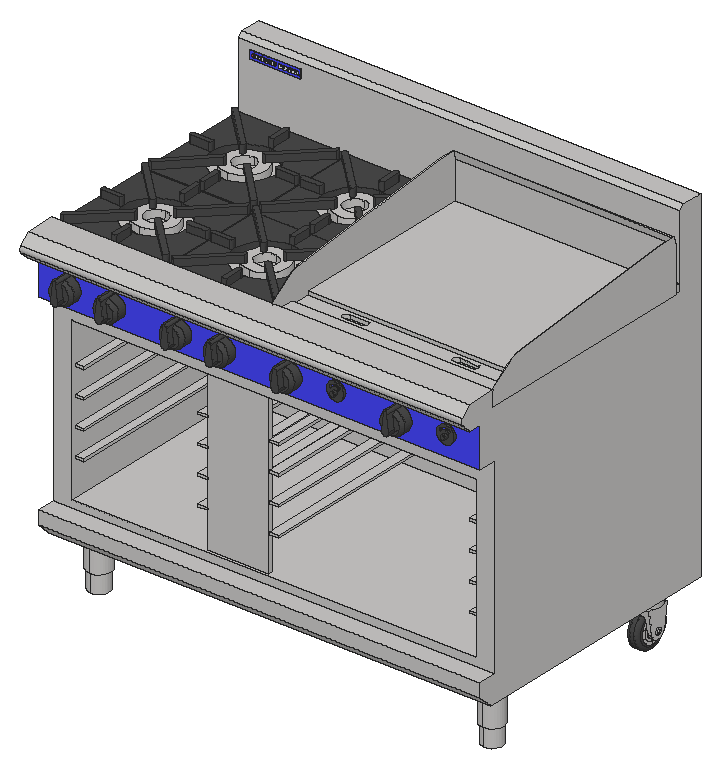
Revit family "QF_MOFFAT_BLUESEAL_CE_G518B-CB", category Specialty Equipment, Revit 2012 (continued)
Definition of nested family "GAS BURNER 600 & GRIDDLE 600"
  Definition of nested family "GAS BURNER 600"
    Lines and regions (mm)
      symbolic lines
        curve 166: spline (584.847, -612.398, 0) -> (585.916, -613.159, 0) -> (587.221, -613.559, 0) -> (588.672, -613.572, 0) -> (590.171, -613.197, 0) -> (591.616, -612.459, 0) -> (592.908, -611.408, 0) -> (593.959, -610.116, 0) -> (594.697, -608.671, 0) -> (595.072, -607.172, 0) -> (595.059, -605.721, 0) -> (594.659, -604.416, 0) -> (593.898, -603.347, 0)
        curve 167: line (315.153, -612.398, 0) -> (423.076, -505.975, 0)
        curve 168: spline (423.076, -505.975, 0) -> (423.837, -504.905, 0) -> (424.238, -503.601, 0) -> (424.251, -502.149, 0) -> (423.875, -500.65, 0) -> (423.137, -499.205, 0) -> (422.086, -497.914, 0) -> (420.795, -496.863, 0) -> (419.35, -496.125, 0) -> (417.851, -495.749, 0) -> (416.399, -495.762, 0) -> (415.095, -496.163, 0) -> (414.025, -496.924, 0)
        curve 169: line (414.025, -496.924, 0) -> (306.102, -603.347, 0)
        curve 170: spline (306.102, -603.347, 0) -> (305.341, -604.416, 0) -> (304.941, -605.721, 0) -> (304.928, -607.172, 0) -> (305.303, -608.671, 0) -> (306.041, -610.116, 0) -> (307.092, -611.408, 0) -> (308.384, -612.459, 0) -> (309.829, -613.197, 0) -> (311.328, -613.572, 0) -> (312.779, -613.559, 0) -> (314.084, -613.159, 0) -> (315.153, -612.398, 0)
        curve 171: line (308.898, -476.4, 0) -> (358.102, -476.4, 0)
        curve 172: spline (358.102, -476.4, 0) -> (359.396, -476.182, 0) -> (360.602, -475.543, 0) -> (361.638, -474.525, 0) -> (362.432, -473.2, 0) -> (362.932, -471.656, 0) -> (363.102, -470, 0) -> (362.932, -468.344, 0) -> (362.432, -466.8, 0) -> (361.638, -465.475, 0) -> (360.602, -464.457, 0) -> (359.396, -463.818, 0) -> (358.102, -463.6, 0)
        curve 173: line (358.102, -463.6, 0) -> (308.898, -463.6, 0)
        curve 174: spline (308.898, -463.6, 0) -> (307.604, -463.818, 0) -> (306.398, -464.457, 0) -> (305.362, -465.475, 0) -> (304.568, -466.8, 0) -> (304.068, -468.344, 0) -> (303.898, -470, 0) -> (304.068, -471.656, 0) -> (304.568, -473.2, 0) -> (305.362, -474.525, 0) -> (306.398, -475.543, 0) -> (307.604, -476.182, 0) -> (308.898, -476.4, 0)
        curve 175: line (456.4, -609.602, 0) -> (456.4, -561.898, 0)
        curve 176: spline (456.4, -561.898, 0) -> (456.182, -560.604, 0) -> (455.543, -559.398, 0) -> (454.525, -558.362, 0) -> (453.2, -557.568, 0) -> (451.656, -557.068, 0) -> (450, -556.898, 0) -> (448.344, -557.068, 0) -> (446.8, -557.568, 0) -> (445.475, -558.362, 0) -> (444.457, -559.398, 0) -> (443.818, -560.604, 0) -> (443.6, -561.898, 0)
        curve 177: line (443.6, -561.898, 0) -> (443.6, -609.602, 0)
        curve 178: spline (443.6, -609.602, 0) -> (443.818, -610.896, 0) -> (444.457, -612.102, 0) -> (445.475, -613.138, 0) -> (446.8, -613.932, 0) -> (448.344, -614.432, 0) -> (450, -614.602, 0) -> (451.656, -614.432, 0) -> (453.2, -613.932, 0) -> (454.525, -613.138, 0) -> (455.543, -612.102, 0) -> (456.182, -610.896, 0) -> (456.4, -609.602, 0)
        curve 179: arc (450.009, -384.418, 0) -> (479.699, -389.834, 0) -> (505.564, -405.385, 0) r 84.082
        curve 180: arc (450.009, -552.582, 0) -> (417.885, -546.204, 0) -> (390.635, -528.036, 0) r 84.082
        curve 181: arc (450, -523.5, 0) -> (467.666, -520.693, 0) -> (483.592, -512.55, 0) r 57
        curve 182: arc (450, -409.5, 0) -> (430.014, -413.119, 0) -> (412.566, -423.515, 0) r 57
        curve 183: arc (450, -436.5, 0) -> (480, -466.5, 0) -> (450, -496.5, 0) r 30
        curve 184: arc (450, -496.5, 0) -> (420, -466.5, 0) -> (450, -436.5, 0) r 30
        curve 185: arc (96.324, -103.773, 0) -> (121.466, -89.404, 0) -> (149.991, -84.418, 0) r 84.082
        curve 186: arc (212.871, -112.68, 0) -> (234.066, -167.408, 0) -> (214.3, -222.668, 0) r 84.082
        curve 187: arc (194.454, -202.178, 0) -> (207, -166.598, 0) -> (194.576, -130.975, 0) r 57
        curve 188: arc (114.628, -211.197, 0) -> (131.275, -220.336, 0) -> (150, -223.5, 0) r 57
        curve 189: arc (405.424, -130.975, 0) -> (393, -166.598, 0) -> (405.546, -202.178, 0) r 57
        curve 190: arc (485.525, -121.924, 0) -> (468.817, -112.696, 0) -> (450, -109.5, 0) r 57
        curve 191: arc (494.454, -202.178, 0) -> (507, -166.598, 0) -> (494.576, -130.975, 0) r 57
        curve 192: arc (414.628, -211.197, 0) -> (431.275, -220.336, 0) -> (450, -223.5, 0) r 57
        curve 193: arc (105.424, -130.975, 0) -> (93, -166.598, 0) -> (105.546, -202.178, 0) r 57
        curve 194: arc (514.501, -414.55, 0) -> (534.086, -469.429, 0) -> (513.293, -523.862, 0) r 84.082
        curve 195: arc (504.155, -532.827, 0) -> (478.827, -547.489, 0) -> (450.009, -552.582, 0) r 84.082
        curve 196: arc (493.031, -503.881, 0) -> (506.947, -468.956, 0) -> (496.089, -432.962, 0) r 57
        curve 197: arc (416.408, -512.55, 0) -> (432.334, -520.693, 0) -> (450, -523.5, 0) r 57
        curve 198: arc (403.911, -432.962, 0) -> (393.053, -468.956, 0) -> (406.969, -503.881, 0) r 57
        curve 199: arc (487.434, -423.515, 0) -> (469.986, -413.119, 0) -> (450, -409.5, 0) r 57
        curve 200: arc (187.434, -423.515, 0) -> (169.986, -413.119, 0) -> (150, -409.5, 0) r 57
        curve 201: arc (103.911, -432.962, 0) -> (93.053, -468.956, 0) -> (106.969, -503.881, 0) r 57
        curve 202: arc (109.732, -506.842, 0) -> (110.614, -507.704, 0) -> (111.516, -508.547, 0) r 57
        curve 203: arc (193.031, -503.881, 0) -> (206.947, -468.956, 0) -> (196.089, -432.962, 0) r 57
        curve 204: arc (214.491, -414.56, 0) -> (234.068, -469.429, 0) -> (213.283, -523.853, 0) r 84.082
        curve 205: arc (94.436, -405.385, 0) -> (120.301, -389.834, 0) -> (149.991, -384.418, 0) r 84.082
        curve 206: arc (86.707, -523.862, 0) -> (65.914, -469.429, 0) -> (85.499, -414.55, 0) r 84.082
        curve 207: arc (116.408, -512.55, 0) -> (132.334, -520.693, 0) -> (150, -523.5, 0) r 57
        curve 208: arc (204.147, -532.819, 0) -> (178.816, -547.487, 0) -> (149.991, -552.582, 0) r 84.082
        curve 209: arc (394.444, -405.393, 0) -> (420.313, -389.836, 0) -> (450.009, -384.418, 0) r 84.082
        curve 210: arc (390.635, -528.036, 0) -> (366.012, -472.294, 0) -> (385.509, -414.56, 0) r 84.082
        curve 211: arc (185.525, -121.924, 0) -> (168.817, -112.696, 0) -> (150, -109.5, 0) r 57
        curve 212: arc (396.332, -103.781, 0) -> (421.477, -89.406, 0) -> (450.009, -84.418, 0) r 84.082
        curve 213: arc (512.881, -112.67, 0) -> (534.084, -167.408, 0) -> (514.31, -222.678, 0) r 84.082
        curve 214: arc (505.339, -231.812, 0) -> (479.559, -247.219, 0) -> (450.009, -252.582, 0) r 84.082
        curve 215: arc (385.7, -222.668, 0) -> (365.934, -167.408, 0) -> (387.129, -112.68, 0) r 84.082
        curve 216: arc (205.331, -231.803, 0) -> (179.547, -247.216, 0) -> (149.991, -252.582, 0) r 84.082
        curve 217: arc (85.69, -222.678, 0) -> (65.916, -167.408, 0) -> (87.119, -112.67, 0) r 84.082
    Dimensions and locks
      equal spacing: plane 3 "LEFT", plane 7 "Center Y", plane 4 "RIGHT"
      "Width": plane 3 "LEFT" to plane 4 "RIGHT"
      equal spacing: plane 5 "FRONT", plane 8 "Center X", plane 1 "BACK"
      "Depth": plane 5 "FRONT" to plane 1 "BACK"
      aligned and locked: level to plane 2
    Automatic sketch dimensions
      plane 3 "LEFT" to Extrusion 1 sketch curve = 4.0 mm  (x2)
      plane 1 "BACK" to Extrusion 1 sketch curve = 0.0 mm
      plane 3 "LEFT" to Extrusion 1 sketch curve = 1.0 mm  (x2)
      Extrusion 1 sketch curve to Extrusion 1 sketch curve = 3.0 mm  (x5)
      plane 8 "Center X" to Extrusion 1 sketch curve = 149.0 mm
      Extrusion 1 sketch curve to plane 7 "Center Y" = 1.0 mm  (x2)
      plane 8 "Center X" to Extrusion 1 sketch curve = 2.0 mm  (x2)
      Extrusion 1 sketch curve to plane 5 "FRONT" = 166.5 mm
      Extrusion 1 sketch curve to plane 5 "FRONT" = 3.0 mm  (x2)
      plane 3 "LEFT" to Extrusion 1 sketch curve = 149.991 mm  (x2)
      Extrusion 2 sketch curve to Extrusion 1 = 22.602 mm  (x2)
      Extrusion 2 sketch curve to Extrusion 1 = 25.398 mm  (x2)
      Extrusion 2 sketch curve to Extrusion 2 sketch curve = 4.525 mm  (x16)
      Extrusion 2 sketch curve to Extrusion 2 sketch curve = 49.204 mm  (x5)
      Extrusion 2 sketch curve to Extrusion 2 sketch curve = 55.923 mm  (x5)
      Extrusion 2 sketch curve to Extrusion 2 sketch curve = 0.0 mm  (x5)
      Extrusion 2 sketch curve to Extrusion 2 sketch curve = 20.524 mm  (x8)
      Extrusion 2 sketch curve to Extrusion 2 sketch curve = 6.4 mm  (x8)
      Extrusion 2 sketch curve to Extrusion 2 sketch curve = 53.847 mm  (x8)
      Extrusion 2 sketch curve to Extrusion 1 = 56.602 mm
      Extrusion 2 sketch curve to Extrusion 1 = 5.102 mm  (x6)
      Extrusion 2 sketch curve to Extrusion 1 = 13.653 mm  (x2)
      Extrusion 2 sketch curve to Extrusion 1 = 7.398 mm  (x2)
      Extrusion 2 sketch curve to Extrusion 1 = 4.602 mm  (x2)
      Extrusion 2 sketch curve to Extrusion 1 = 7.898 mm  (x4)
      Extrusion 2 sketch curve to Extrusion 1 = 31.653 mm  (x2)
      Extrusion 2 sketch curve to Extrusion 1 = 57.102 mm
      Extrusion 2 sketch curve to Extrusion 1 = 14.153 mm
      Extrusion 3 sketch curve to Extrusion 3 sketch curve = 0.0 mm  (x24)
      plane 8 "Center X" to Extrusion 3 sketch curve = 208.0 mm
      Extrusion 3 sketch curve to Extrusion 3 sketch curve = 27.0 mm  (x2)
      Extrusion 3 sketch curve to Extrusion 3 sketch curve = 30.0 mm  (x2)
      Extrusion 3 sketch curve to plane 5 "FRONT" = 225.5 mm
      plane 3 "LEFT" to Extrusion 3 sketch curve = 150.0 mm  (x2)
      plane 4 "RIGHT" to Extrusion 4 sketch curve = 4.0 mm  (x2)
      plane 1 "BACK" to Extrusion 4 sketch curve = 0.0 mm
      plane 4 "RIGHT" to Extrusion 4 sketch curve = 1.0 mm  (x2)
      Extrusion 4 sketch curve to Extrusion 4 sketch curve = 3.0 mm  (x5)
      plane 8 "Center X" to Extrusion 4 sketch curve = 149.0 mm
      plane 7 "Center Y" to Extrusion 4 sketch curve = 1.0 mm  (x2)
      plane 8 "Center X" to Extrusion 4 sketch curve = 2.0 mm  (x2)
      Extrusion 4 sketch curve to plane 5 "FRONT" = 166.5 mm
      Extrusion 4 sketch curve to plane 5 "FRONT" = 3.0 mm  (x2)
      plane 4 "RIGHT" to Extrusion 4 sketch curve = 149.991 mm  (x2)
      Extrusion 5 sketch curve to Extrusion 4 = 22.602 mm  (x2)
      Extrusion 5 sketch curve to Extrusion 4 = 25.398 mm  (x2)
      Extrusion 5 sketch curve to Extrusion 5 sketch curve = 4.525 mm  (x16)
      Extrusion 5 sketch curve to Extrusion 5 sketch curve = 49.204 mm  (x4)
      Extrusion 5 sketch curve to Extrusion 5 sketch curve = 55.923 mm  (x5)
      Extrusion 5 sketch curve to Extrusion 5 sketch curve = 0.0 mm  (x6)
      Extrusion 5 sketch curve to Extrusion 5 sketch curve = 20.524 mm  (x7)
      Extrusion 5 sketch curve to Extrusion 5 sketch curve = 6.4 mm  (x8)
      Extrusion 5 sketch curve to Extrusion 5 sketch curve = 53.847 mm  (x8)
      Extrusion 5 sketch curve to Extrusion 4 = 56.602 mm
      Extrusion 5 sketch curve to Extrusion 4 = 5.102 mm  (x6)
      Extrusion 5 sketch curve to Extrusion 4 = 13.653 mm  (x2)
      Extrusion 5 sketch curve to Extrusion 4 = 7.398 mm  (x2)
      Extrusion 5 sketch curve to Extrusion 4 = 4.602 mm  (x2)
      Extrusion 5 sketch curve to Extrusion 4 = 7.898 mm  (x4)
      Extrusion 5 sketch curve to Extrusion 4 = 31.653 mm  (x2)
      Extrusion 5 sketch curve to Extrusion 4 = 57.102 mm  (x2)
      Extrusion 5 sketch curve to Extrusion 4 = 14.153 mm
      Extrusion 6 sketch curve to Extrusion 6 sketch curve = 0.0 mm  (x24)
      plane 8 "Center X" to Extrusion 6 sketch curve = 208.0 mm
      Extrusion 6 sketch curve to Extrusion 6 sketch curve = 27.0 mm  (x2)
      Extrusion 6 sketch curve to Extrusion 6 sketch curve = 30.0 mm  (x2)
      Extrusion 6 sketch curve to plane 5 "FRONT" = 225.5 mm
      plane 4 "RIGHT" to Extrusion 6 sketch curve = 150.0 mm  (x2)
      curve 1 to plane 7 "Center Y" = 123.076 mm
      curve 2 to curve 2 = 4.525 mm
      curve 1 to plane 7 "Center Y" = 15.153 mm
      curve 1 to curve 4 = 4.525 mm
      plane 1 "BACK" to curve 3 = 139.576 mm
      plane 1 "BACK" to curve 4 = 31.653 mm
      curve 7 to plane 7 "Center Y" = 58.102 mm
      curve 8 to plane 7 "Center Y" = 8.898 mm
      curve 8 to curve 2 = 20.524 mm
      curve 6 to curve 5 = 6.4 mm
      plane 7 "Center Y" to curve 9 = 6.102 mm
      curve 9 to curve 12 = 4.525 mm
      plane 7 "Center Y" to curve 10 = 114.025 mm
      curve 10 to curve 10 = 4.525 mm
      curve 5 to curve 10 = 20.524 mm
      curve 3 to curve 9 = 0.0 mm
      plane 1 "BACK" to curve 13 = 25.398 mm
      curve 10 to curve 13 = 20.524 mm
      curve 13 to curve 16 = 6.4 mm
      curve 14 to curve 15 = 49.204 mm
      curve 11 to curve 17 = 53.847 mm
      curve 18 to curve 18 = 4.525 mm
      plane 4 "RIGHT" to curve 17 = 15.153 mm
      curve 20 to curve 20 = 4.525 mm
      curve 18 to curve 11 = 9.051 mm
      plane 1 "BACK" to curve 20 = 31.653 mm
      plane 4 "RIGHT" to curve 22 = 58.102 mm
      plane 4 "RIGHT" to curve 21 = 8.898 mm
      curve 23 to curve 18 = 33.324 mm
      curve 22 to curve 22 = 6.4 mm
      curve 26 to curve 18 = 9.051 mm
      curve 27 to curve 26 = 4.525 mm
      plane 8 "Center X" to curve 27 = 3.602 mm
      plane 4 "RIGHT" to curve 27 = 15.153 mm
      curve 27 to curve 28 = 4.525 mm
      curve 27 to curve 18 = 62.898 mm
      curve 30 to curve 26 = 31.449 mm
      curve 192 to curve 27 = 21.025 mm
      curve 26 to curve 29 = 31.449 mm
      curve 14 to curve 31 = 0.009 mm
      curve 32 to curve 29 = 29.082 mm
      curve 31 to curve 29 = 2.0 mm
      curve 29 to curve 33 = 0.0 mm  (x2)
      curve 29 to curve 34 = 27.0 mm
      curve 211 to curve 2 = 31.449 mm
      curve 35 to curve 3 = 83.924 mm
      curve 35 to curve 2 = 31.449 mm
      curve 37 to curve 211 = 0.009 mm
      curve 216 to curve 35 = 29.082 mm
      curve 38 to curve 36 = 2.0 mm
      curve 42 to curve 185 = 6.391 mm
      curve 41 to curve 40 = 6.4 mm
      curve 185 to curve 41 = 9.816 mm
      plane 1 "BACK" to curve 41 = 25.398 mm
      plane 7 "Center Y" to curve 44 = 8.898 mm
      curve 44 to curve 45 = 49.204 mm
      curve 7 to curve 44 = 0.0 mm
      curve 45 to curve 44 = 6.4 mm
      plane 7 "Center Y" to curve 48 = 6.102 mm
      curve 48 to curve 48 = 4.525 mm
      curve 50 to curve 33 = 35.975 mm
      curve 47 to curve 50 = 4.525 mm
      plane 8 "Center X" to curve 48 = 3.602 mm
      curve 50 to curve 33 = 5.975 mm
      plane 8 "Center X" to curve 53 = 6.398 mm
      curve 53 to curve 32 = 6.409 mm
      curve 53 to curve 54 = 6.4 mm
      curve 52 to curve 32 = 9.316 mm
      plane 1 "BACK" to curve 56 = 0.0 mm
      plane 7 "Center Y" to curve 57 = 1.0 mm
      curve 57 to curve 56 = 3.0 mm
      curve 59 to plane 8 "Center X" = 1.0 mm
      plane 7 "Center Y" to curve 59 = 4.0 mm
      plane 4 "RIGHT" to curve 55 = 4.0 mm
      plane 4 "RIGHT" to curve 59 = 4.0 mm
      plane 4 "RIGHT" to curve 60 = 1.0 mm
      plane 1 "BACK" to curve 64 = 0.0 mm
      curve 66 to plane 8 "Center X" = 1.0 mm
      plane 3 "LEFT" to curve 66 = 4.0 mm
      plane 3 "LEFT" to curve 63 = 4.0 mm
      plane 3 "LEFT" to curve 64 = 1.0 mm
      curve 70 to plane 7 "Center Y" = 4.0 mm
      curve 68 to plane 7 "Center Y" = 4.0 mm
      curve 70 to plane 7 "Center Y" = 1.0 mm
      plane 5 "FRONT" to curve 74 = 0.0 mm
      plane 3 "LEFT" to curve 72 = 1.0 mm
      plane 3 "LEFT" to curve 74 = 4.0 mm
      curve 71 to curve 66 = 0.0 mm
      curve 75 to plane 7 "Center Y" = 4.0 mm
      curve 78 to plane 7 "Center Y" = 4.0 mm
      curve 77 to plane 7 "Center Y" = 1.0 mm
      curve 78 to curve 67 = 6.0 mm
      plane 5 "FRONT" to curve 82 = 0.0 mm
      plane 7 "Center Y" to curve 80 = 1.0 mm
      plane 7 "Center Y" to curve 82 = 4.0 mm
      curve 79 to curve 59 = 0.0 mm  (x2)
      plane 4 "RIGHT" to curve 83 = 4.0 mm
      plane 4 "RIGHT" to curve 84 = 1.0 mm
      curve 78 to curve 80 = 0.0 mm
      curve 35 to curve 88 = 26.924 mm
      curve 89 to curve 88 = 4.525 mm
      plane 8 "Center X" to curve 90 = 3.602 mm
      curve 90 to curve 68 = 11.153 mm
      curve 89 to curve 90 = 4.525 mm
      curve 35 to curve 89 = 21.025 mm
      plane 3 "LEFT" to curve 94 = 6.102 mm
      curve 94 to curve 94 = 4.525 mm
      curve 92 to curve 38 = 35.966 mm
      curve 92 to curve 92 = 4.525 mm
      plane 8 "Center X" to curve 91 = 3.602 mm
      curve 188 to curve 92 = 21.025 mm
      plane 3 "LEFT" to curve 98 = 8.898 mm
      curve 97 to curve 97 = 49.204 mm
      curve 93 to curve 98 = 20.524 mm
      curve 95 to curve 98 = 6.4 mm
      plane 3 "LEFT" to curve 102 = 6.102 mm
      curve 99 to curve 102 = 4.525 mm
      curve 100 to curve 36 = 35.975 mm
      curve 99 to curve 100 = 4.525 mm
      curve 36 to curve 100 = 26.924 mm
      curve 102 to curve 64 = 28.653 mm
      curve 35 to curve 103 = 0.0 mm  (x2)
      curve 35 to curve 104 = 27.0 mm
      curve 107 to curve 38 = 6.391 mm
      curve 107 to curve 108 = 6.4 mm
      plane 8 "Center X" to curve 108 = 6.398 mm
      curve 106 to curve 216 = 9.316 mm
      curve 112 to curve 107 = 0.0 mm
      curve 111 to curve 110 = 6.4 mm
      curve 111 to plane 8 "Center X" = 60.602 mm
      curve 110 to plane 8 "Center X" = 11.398 mm
      curve 109 to curve 114 = 20.524 mm
      curve 114 to curve 114 = 4.525 mm
      curve 116 to curve 78 = 11.153 mm
      curve 116 to curve 116 = 4.525 mm
      curve 115 to curve 109 = 64.974 mm
      curve 116 to curve 78 = 10.653 mm
      plane 3 "LEFT" to curve 118 = 6.102 mm
      curve 118 to curve 118 = 4.525 mm
      curve 120 to curve 113 = 62.898 mm
      curve 119 to curve 120 = 4.525 mm
      curve 120 to curve 113 = 9.051 mm
      curve 119 to curve 72 = 10.653 mm
      plane 3 "LEFT" to curve 121 = 8.898 mm
      curve 121 to curve 124 = 49.204 mm
      curve 123 to curve 120 = 33.324 mm
      curve 123 to curve 124 = 6.4 mm
      plane 3 "LEFT" to curve 126 = 6.102 mm
      curve 125 to curve 126 = 4.525 mm
      curve 125 to curve 119 = 0.0 mm
      curve 125 to curve 128 = 4.525 mm
      curve 74 to curve 127 = 19.602 mm
      curve 127 to curve 119 = 62.898 mm
      curve 127 to curve 130 = 20.524 mm
      curve 131 to curve 132 = 6.4 mm
      curve 132 to plane 5 "FRONT" = 25.398 mm
      curve 132 to curve 131 = 47.704 mm
      curve 127 to curve 136 = 53.847 mm
      curve 133 to curve 136 = 4.525 mm
      curve 134 to plane 7 "Center Y" = 15.153 mm
      curve 133 to curve 134 = 4.525 mm
      curve 76 to curve 134 = 19.602 mm
      curve 127 to curve 136 = 0.0 mm
      curve 208 to curve 130 = 0.009 mm
      curve 130 to curve 208 = 9.316 mm
      curve 137 to curve 120 = 29.949 mm
      curve 137 to curve 200 = 0.009 mm
      curve 208 to curve 139 = 29.082 mm
      curve 137 to curve 203 = 2.0 mm
      curve 203 to curve 141 = 0.0 mm  (x2)
      curve 139 to curve 142 = 27.0 mm
      curve 144 to plane 7 "Center Y" = 58.102 mm
      curve 143 to plane 7 "Center Y" = 8.898 mm
      curve 135 to curve 144 = 20.524 mm
      curve 144 to curve 144 = 6.4 mm
      plane 7 "Center Y" to curve 149 = 6.102 mm
      curve 148 to curve 148 = 4.525 mm
      plane 7 "Center Y" to curve 150 = 114.025 mm
      curve 149 to curve 150 = 4.525 mm
      curve 143 to curve 150 = 20.524 mm
      curve 149 to curve 80 = 10.653 mm
      curve 151 to curve 53 = 0.0 mm
      curve 151 to curve 154 = 6.4 mm
      curve 152 to plane 8 "Center X" = 60.602 mm
      curve 151 to plane 8 "Center X" = 11.398 mm
      curve 150 to curve 156 = 53.847 mm
      curve 156 to curve 156 = 4.525 mm
      curve 155 to curve 86 = 11.153 mm
      curve 155 to curve 158 = 4.525 mm
      curve 157 to curve 150 = 9.051 mm
      curve 158 to curve 86 = 10.653 mm
      plane 4 "RIGHT" to curve 160 = 58.102 mm
      plane 4 "RIGHT" to curve 159 = 8.898 mm
      curve 161 to curve 156 = 33.324 mm
      curve 160 to curve 160 = 6.4 mm
      curve 164 to curve 156 = 9.051 mm
      curve 164 to curve 164 = 4.525 mm
      plane 4 "RIGHT" to curve 165 = 15.153 mm
      curve 165 to curve 166 = 4.525 mm
      curve 84 to curve 165 = 19.602 mm
      curve 164 to curve 156 = 62.898 mm
      plane 7 "Center Y" to curve 170 = 6.102 mm
      curve 170 to curve 170 = 4.525 mm
      curve 168 to curve 150 = 0.0 mm
      curve 168 to curve 168 = 4.525 mm  (x2)
      curve 82 to curve 170 = 19.602 mm
      curve 167 to curve 164 = 0.0 mm
      plane 7 "Center Y" to curve 171 = 8.898 mm
      curve 174 to curve 172 = 49.204 mm
      curve 169 to curve 172 = 20.524 mm
      curve 171 to curve 172 = 6.4 mm
      curve 167 to curve 176 = 20.524 mm
      curve 178 to curve 178 = 6.4 mm
      curve 177 to plane 5 "FRONT" = 25.398 mm
      curve 175 to curve 175 = 47.704 mm
      curve 180 to curve 156 = 31.44 mm
      curve 176 to curve 180 = 9.316 mm
      curve 180 to curve 156 = 29.949 mm
      curve 182 to curve 179 = 0.009 mm
      curve 195 to curve 181 = 29.082 mm
      curve 179 to curve 181 = 2.0 mm
      curve 181 to curve 183 = 0.0 mm  (x2)
      curve 181 to curve 184 = 27.0 mm
      curve 37 to curve 38 = 0.0 mm  (x2)
      curve 185 to curve 100 = 22.227 mm
      curve 37 to curve 185 = 0.0 mm
      curve 2 to curve 37 = 22.219 mm
      curve 35 to curve 36 = 0.0 mm  (x2)
      curve 88 to curve 35 = 3.923 mm
      curve 35 to curve 211 = 0.0 mm
      curve 193 to curve 92 = 13.004 mm
      curve 29 to curve 30 = 0.0 mm  (x2)
      curve 189 to curve 10 = 13.126 mm
      curve 29 to curve 189 = 0.0 mm  (x2)
      curve 18 to curve 190 = 4.076 mm
      curve 29 to curve 190 = 0.0 mm
      curve 29 to curve 191 = 0.0 mm  (x2)
      curve 26 to curve 29 = 3.923 mm
      curve 189 to curve 50 = 13.004 mm
      curve 35 to curve 188 = 0.0 mm
      curve 35 to curve 193 = 0.0 mm  (x2)
      curve 193 to curve 100 = 13.126 mm
      curve 179 to curve 180 = 0.0 mm  (x2)
      curve 156 to curve 194 = 33.052 mm
      curve 179 to curve 194 = 0.0 mm  (x2)
      curve 179 to curve 195 = 0.0 mm
      curve 181 to curve 198 = 0.0 mm  (x2)
      curve 164 to curve 181 = 2.142 mm
      curve 181 to curve 196 = 0.0 mm  (x2)
      curve 198 to curve 168 = 11.581 mm
      curve 181 to curve 182 = 0.0 mm  (x2)
      curve 182 to curve 150 = 5.985 mm
      curve 181 to curve 197 = 0.0 mm
      curve 156 to curve 196 = 14.64 mm
      curve 203 to curve 140 = 0.0 mm  (x2)
      curve 114 to curve 200 = 5.985 mm
      curve 203 to curve 200 = 0.0 mm
      curve 201 to curve 120 = 14.64 mm
      curve 203 to curve 201 = 0.0 mm  (x2)
      curve 201 to curve 128 = 11.581 mm
      curve 139 to curve 140 = 0.0 mm  (x2)
      curve 136 to curve 139 = 2.142 mm
      curve 137 to curve 138 = 0.0 mm  (x2)
      curve 203 to curve 137 = 9.467 mm
      curve 137 to curve 204 = 0.0 mm  (x2)
      curve 137 to curve 204 = 8.936 mm
      curve 137 to curve 205 = 0.0 mm
      curve 205 to curve 140 = 18.13 mm
      curve 206 to curve 205 = 8.937 mm
      curve 206 to curve 205 = 9.165 mm
      curve 137 to curve 206 = 0.0 mm  (x2)
      curve 138 to curve 201 = 11.124 mm
      curve 139 to curve 202 = 0.0 mm  (x2)
      curve 202 to curve 202 = 1.784 mm
      curve 137 to curve 208 = 0.0 mm
      curve 203 to curve 204 = 20.253 mm
      curve 208 to curve 204 = 9.136 mm
      curve 208 to curve 204 = 8.967 mm
      curve 139 to curve 207 = 0.0 mm
      curve 139 to curve 203 = 9.439 mm
      curve 202 to curve 207 = 4.893 mm
      curve 207 to curve 202 = 4.003 mm
      curve 206 to curve 138 = 9.138 mm
      curve 138 to curve 206 = 8.965 mm
      curve 201 to curve 202 = 2.762 mm
      curve 202 to curve 201 = 2.96 mm
      curve 206 to curve 201 = 18.412 mm
      curve 203 to curve 136 = 6.958 mm
      curve 200 to curve 203 = 8.655 mm
      curve 201 to curve 140 = 9.447 mm
      curve 179 to curve 209 = 0.0 mm
      curve 210 to curve 182 = 27.057 mm
      curve 179 to curve 210 = 0.0 mm  (x2)
      curve 180 to curve 197 = 25.774 mm
      curve 181 to curve 199 = 0.0 mm
      curve 180 to curve 198 = 16.335 mm
      curve 198 to curve 182 = 8.655 mm
      curve 198 to curve 169 = 6.958 mm
      curve 199 to curve 196 = 8.655 mm
      curve 196 to curve 199 = 9.447 mm
      curve 181 to curve 196 = 9.439 mm
      curve 181 to curve 196 = 8.668 mm
      curve 210 to curve 209 = 8.936 mm
      curve 195 to curve 194 = 9.138 mm
      curve 179 to curve 194 = 8.937 mm
      curve 194 to curve 179 = 9.165 mm
      curve 195 to curve 194 = 8.965 mm
      curve 35 to curve 187 = 0.0 mm  (x2)
      curve 2 to curve 187 = 13.126 mm
      curve 31 to curve 32 = 0.0 mm  (x2)
      curve 212 to curve 189 = 9.093 mm
      curve 31 to curve 212 = 0.0 mm
      curve 190 to curve 31 = 18.152 mm
      curve 31 to curve 213 = 0.0 mm  (x2)
      curve 29 to curve 214 = 19.967 mm
      curve 31 to curve 214 = 0.0 mm
      curve 31 to curve 215 = 0.0 mm  (x2)
      curve 32 to curve 192 = 19.959 mm
      curve 31 to curve 213 = 9.204 mm
      curve 29 to curve 192 = 0.0 mm
      curve 190 to curve 191 = 9.051 mm
      curve 214 to curve 213 = 8.97 mm
      curve 214 to curve 213 = 9.134 mm
      curve 29 to curve 191 = 9.081 mm
      curve 29 to curve 191 = 9.019 mm
      curve 32 to curve 189 = 10.878 mm
      curve 192 to curve 189 = 9.019 mm
      curve 215 to curve 32 = 8.969 mm
      curve 32 to curve 215 = 9.135 mm
      curve 215 to curve 212 = 9.203 mm
      curve 215 to curve 212 = 8.899 mm
      curve 189 to curve 30 = 9.051 mm  (x2)
      curve 37 to curve 186 = 0.0 mm  (x2)
      curve 187 to curve 186 = 19.847 mm
      curve 37 to curve 216 = 0.0 mm
      curve 216 to curve 186 = 8.969 mm
      curve 35 to curve 187 = 9.081 mm
      curve 193 to curve 188 = 9.081 mm
      curve 188 to curve 193 = 9.019 mm
      curve 37 to curve 217 = 0.0 mm  (x2)
      curve 38 to curve 193 = 10.886 mm
      curve 217 to curve 38 = 8.97 mm
      curve 38 to curve 217 = 9.134 mm
      curve 217 to curve 185 = 9.204 mm
      curve 216 to curve 186 = 9.135 mm
      curve 37 to curve 186 = 9.203 mm
      curve 186 to curve 37 = 8.899 mm
      curve 211 to curve 187 = 9.051 mm
      curve 187 to curve 87 = 8.754 mm
      curve 193 to curve 36 = 9.051 mm
      curve 2 to curve 211 = 8.601 mm
      radius of Extrusion 1 sketch curve = 84.082 mm  (x2)
      radius of Extrusion 4 sketch curve = 84.082 mm  (x2)
  Definition of nested family "GAS GRIDDLE PLATE 600"
    Parameters (values of type "GAS GRIDDLE PLATE 600")
      Width [instance] = 600.0 mm
      Weight in Pounds = 0
      URL Cutsheet = ""
      Type Mark [instance] = ""
      Status [instance] = ""
      Specification by User [instance] = ""
      Specification by Manufacturer = ""
      Serial Number = ""
      Seismic Rating = ""
      SMACNA No = ""
      Revision Code [instance] = ""
      Omniclass Number and Title = ""
      NAFEM Spec ID Number = ""
      Masterspec = ""
      Item Number [instance] = ""
      Installed By [instance] = ""
      Identify Quantity as Lot [instance] = yes
      Furnished By [instance] = ""
      Foodservice Equipment Identifier [instance] = yes
      Depth [instance] = 620.0 mm
      CSI MasterFormat = ""
      CSI Master Format = ""
    Reference planes
      plane 1 "BACK": y = 0
      plane 2: z = 0
      plane 3 "LEFT": x = 0
      plane 4 "RIGHT": x = 600
      plane 5 "FRONT": y = -620
      plane 6 "TOP": z = 142.5
      plane 7 "Center Y": x = 300
      plane 8 "Center X": y = -310
      plane 9: y = -530.997
      plane 10: y = -541.497
      plane 11: y = -503.25
      plane 12: y = -557.737
    Forms (mm)
      Extrusion 1, solid, material "QF_Finishes_Stainless Steel"
        sketch origin (0, 70.003, -874.5) x (0, 1, 0) y (0, 0, 1)
          loop
            line (-70, 875) -> (-70, 997.489) -> (-75.228, 1017) -> (-117.24, 1017) -> (-589.533, 971.523)
            arc (-589.533, 971.523) -> (-614.56, 965.803) -> (-637.306, 953.899) r 100
            line (-637.306, 953.899) -> (-690.003, 917) -> (-690.003, 875) -> (-70, 875)
        from 0 to 1.8
      Extrusion 2, solid, material "QF_Finishes_Stainless Steel"
        sketch origin (600, 70.003, -874.5) x (0, -1, 0) y (0, 0, 1)
          loop
            line (70, 875) -> (690.003, 875) -> (690.003, 917) -> (637.306, 953.899)
            arc (637.306, 953.899) -> (614.56, 965.803) -> (589.533, 971.523) r 100
            line (589.533, 971.523) -> (117.24, 1017) -> (75.228, 1017) -> (70, 997.489) -> (70, 875)
        from 0 to 1.2
      Extrusion 3, solid, material "QF_Finishes_Stainless Steel"
        sketch origin (150, 70.003, -874.5) x (0, 1, 0) y (0, 0, 1)
          loop
            line (-55, 895) -> (-573.253, 895) -> (-573.253, 884.5) -> (-627.74, 884.5) -> (-627.74, 895) -> (-690.003, 895) -> (-690.003, 875) -> (-55, 875) -> (-55, 895)
        from -148.2 to 448.8
      Extrusion 4, void
        sketch origin (150, -541.497, 10) x (0, -1, 0) y (1, 0, 0)
          loop
            arc (-7.497, 25.113) -> (-17.497, 35.113) -> (-27.497, 25.113) r 10
            line (-27.497, 25.113) -> (-27.497, -24.887)
            arc (-27.497, -24.887) -> (-17.497, -34.887) -> (-7.497, -24.887) r 10
            line (-7.497, -24.887) -> (-7.497, 25.113)
          loop
            line (-7.497, 274.887) -> (-7.497, 324.887)
            arc (-7.497, 324.887) -> (-17.497, 334.887) -> (-27.497, 324.887) r 10
            line (-27.497, 324.887) -> (-27.497, 274.887)
            arc (-27.497, 274.887) -> (-17.497, 264.887) -> (-7.497, 274.887) r 10
        from -41.4 to 40.142
      Extrusion 5, solid, material "QF_Finishes_Stainless Steel"
        sketch origin (0, 70.003, -874.5) x (0, 1, 0) y (0, 0, 1)
          loop
            line (-70, 875) -> (-70, 997.489) -> (-75.228, 1017) -> (-76.884, 1017) -> (-71.6, 997.278) -> (-71.6, 875) -> (-70, 875)
        from 0 to 598.8
    Cuts and joins
      Extrusion 4 cuts Extrusion 3
      joined: Extrusion 1, Extrusion 2, Extrusion 3, Extrusion 5
    Lines and regions (mm)
      symbolic lines
        curve 1: line (600, -503.25, 0) -> (0, -503.25, 0)
        curve 2: line (0, -557.737, 0) -> (600, -557.737, 0)
        curve 3: line (0, -1.68, 0) -> (600, -1.68, 0)
        curve 4: line (600, -1.68, 0) -> (600, -620, 0)
        curve 5: line (0, -620, 0) -> (0, -1.68, 0)
        curve 6: line (0, -620, 0) -> (600, -620, 0)
        curve 7: arc (175.113, -534, 0) -> (185.113, -524, 0) -> (175.113, -514, 0) r 10
        curve 8: line (175.113, -514, 0) -> (125.113, -514, 0)
        curve 9: arc (125.113, -514, 0) -> (115.113, -524, 0) -> (125.113, -534, 0) r 10
        curve 10: line (125.113, -534, 0) -> (175.113, -534, 0)
        curve 11: arc (424.887, -534, 0) -> (414.887, -524, 0) -> (424.887, -514, 0) r 10
        curve 12: line (424.887, -514, 0) -> (474.887, -514, 0)
        curve 13: arc (474.887, -514, 0) -> (484.887, -524, 0) -> (474.887, -534, 0) r 10
        curve 14: line (474.887, -534, 0) -> (424.887, -534, 0)
    Dimensions and locks
      equal spacing: plane 3 "LEFT", plane 7 "Center Y", plane 4 "RIGHT"
      "Width": plane 3 "LEFT" to plane 4 "RIGHT"
      equal spacing: plane 5 "FRONT", plane 8 "Center X", plane 1 "BACK"
      "Depth": plane 5 "FRONT" to plane 1 "BACK"
      locked: Extrusion 2 to Extrusion 2 at 1.2
      aligned and locked: level to plane 2
      aligned and locked: Extrusion 2 to plane 4 "RIGHT"
      aligned and locked: curve 1 to plane 11
      aligned and locked: plane 12 to curve 2
      aligned and locked: Extrusion 5 to cut or joined group of Extrusion 1, Extrusion 2, Extrusion 3, Extrusion 4, Extrusion 5
    Automatic sketch dimensions
      Extrusion 1 sketch curve to plane 5 "FRONT" = 0.0 mm
      Extrusion 1 sketch curve to plane 6 "TOP" = 0.0 mm
      plane 12 to Extrusion 1 sketch curve = 9.566 mm
      plane 11 to Extrusion 1 sketch curve = 16.28 mm
      Extrusion 1 sketch curve to level = 2.516 mm
      plane 11 to Extrusion 1 sketch curve = 6.695 mm
      plane 1 "BACK" to Extrusion 1 sketch curve = 47.237 mm
      plane 1 "BACK" to Extrusion 1 sketch curve = 5.225 mm
      Extrusion 1 sketch curve to plane 1 "BACK" = 0.003 mm
      level to Extrusion 1 sketch curve = 0.5 mm
      Extrusion 1 sketch curve to Extrusion 1 sketch curve = 42.0 mm
      Extrusion 1 sketch curve to plane 6 "TOP" = 63.101 mm
      Extrusion 1 sketch curve to plane 6 "TOP" = 19.511 mm
      Extrusion 2 sketch curve to plane 6 "TOP" = 0.0 mm
      Extrusion 2 sketch curve to plane 5 "FRONT" = 0.0 mm
      plane 12 to Extrusion 2 sketch curve = 9.566 mm
      plane 11 to Extrusion 2 sketch curve = 16.28 mm
      Extrusion 2 sketch curve to level = 2.516 mm
      plane 11 to Extrusion 2 sketch curve = 6.695 mm
      plane 1 "BACK" to Extrusion 2 sketch curve = 47.237 mm
      plane 1 "BACK" to Extrusion 2 sketch curve = 5.225 mm
      Extrusion 2 sketch curve to plane 1 "BACK" = 0.003 mm
      level to Extrusion 2 sketch curve = 0.5 mm
      Extrusion 2 sketch curve to Extrusion 2 sketch curve = 42.0 mm
      Extrusion 2 sketch curve to plane 6 "TOP" = 63.101 mm
      Extrusion 2 sketch curve to plane 6 "TOP" = 19.511 mm
      Extrusion 3 sketch curve to plane 5 "FRONT" = 0.0 mm
      Extrusion 3 sketch curve to plane 12 = 0.0 mm
      Extrusion 3 sketch curve to plane 11 = 0.0 mm
      Extrusion 3 sketch curve to plane 1 "BACK" = 15.003 mm
      level to Extrusion 3 sketch curve = 0.5 mm
      level to Extrusion 3 sketch curve = 10.0 mm
      Extrusion 3 sketch curve to Extrusion 3 sketch curve = 10.5 mm  (x2)
      plane 1 "BACK" to Extrusion 5 sketch curve = 5.225 mm
      Extrusion 5 sketch curve to plane 1 "BACK" = 0.003 mm
      Extrusion 5 sketch curve to plane 6 "TOP" = 19.511 mm
      Extrusion 5 sketch curve to Extrusion 5 sketch curve = 1.6 mm
      Extrusion 5 sketch curve to Extrusion 5 sketch curve = 0.211 mm
      Extrusion 5 sketch curve to plane 6 "TOP" = 0.0 mm
      Extrusion 5 sketch curve to Extrusion 5 sketch curve = 1.656 mm
      level to Extrusion 5 sketch curve = 0.5 mm
      plane 11 to Extrusion 4 sketch curve = 10.75 mm  (x2)
      Extrusion 4 sketch curve to Extrusion 4 sketch curve = 10.0 mm  (x2)
      plane 3 "LEFT" to Extrusion 4 sketch curve = 125.113 mm
      Extrusion 4 sketch curve to Extrusion 4 sketch curve = 50.0 mm  (x2)
      plane 7 "Center Y" to Extrusion 4 sketch curve = 124.887 mm
      curve 6 to plane 3 "LEFT" = 0.0 mm
      curve 3 to plane 4 "RIGHT" = 0.0 mm
      plane 5 "FRONT" to curve 6 = 0.0 mm
      plane 11 to curve 8 = 10.75 mm
      plane 3 "LEFT" to curve 8 = 125.113 mm
      curve 10 to plane 12 = 23.737 mm
      curve 9 to curve 10 = 50.0 mm
      curve 11 to plane 12 = 23.737 mm
      plane 7 "Center Y" to curve 11 = 124.887 mm
      plane 11 to curve 12 = 10.75 mm
      curve 12 to curve 12 = 50.0 mm
      plane 1 "BACK" to curve 3 = 1.68 mm
